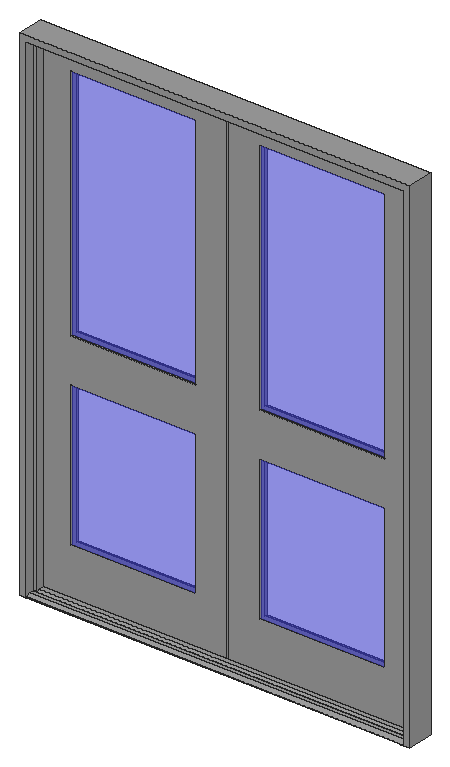
Revit family "WSD-500-StormMax-1inGlz-Curtain-Wall-Gear-Hinge-Pairs_Eng_v02", category Curtain Panels, Revit 2017
Family settings
  OmniClass Number = 23.25.20.14.11.11.17
  OmniClass Title = Infill Panels
  Always vertical = Yes
  Cut with Voids When Loaded = No
  Shared = No
Parameters
  Width [instance] = 6' - 2"
  URL = "obe.com"
  Rough Width [instance] = 6' - 2 1/4"
  Panel Width [instance] = Min Panel Width  # 6' - 0"
  Panel Offset [instance] = 0' - 0"
  Offset [instance] = 0' - 1"
  Model = "WSD-500 DOOR"
  Min Rough Width [instance] = if(Rough Width > 6' 2 1/4", Rough Width, 6' 2 1/4")  # 6' - 2 1/4"
  Min Panel Width [instance] = if(Rough Width > 6' 2 1/4", Rough Width - 0' 2 1/4", 6' 0")  # 6' - 0"
  Manufacturer = "Oldcastle BuildingEnvelope®"
  Keynote = "08 11 00"
  Height [instance] = 8' - 0"
  Pushbar Height [instance] = 3' - 5 1/4"  # constant formula
  Glass Material = Glass
  Frame Material = Aluminum
  Door Panel Height [instance] = Height - 0' 0 3/4"  # 7' - 11 1/4"
  Description = "WSD-500 - 1\" Door Infill"
  Assembly Code = "B2030"
  Analytic Construction = "<None>"
  8 Muntin [instance] = not([6.5 Muntin])  # no
  6.5 Muntin [instance] = yes
Reference planes (in)
  plane 1 "Front": y = 0
  plane 2: z = 0
  plane 3 "Center (Left/Right)": x = 0
  plane 4 "Left": x = -37
  plane 5 "Right": x = 37
  plane 6 "Top": z = 96
  plane 7 "Offset": y = -1
  plane 8: y = -1.86965
  plane 9: y = -1.86965
  plane 10: x = -37.125
  plane 11: x = 37.125
Forms (in)
  Sweep 1, solid, material "Aluminum" <- "Frame Material"
    path origin (0, -1, 0) x (-1, 0, 0) y (0, 0, 1)
      loop
        line (37.125, 0) -> (37.125, 96)
    profile origin (-37.125, -1, 48) x (1, 0, 0) y (0, 1, 0)
      loop
        line (1.125, -1.8814) -> (1.125, 0) -> (0, 0) -> (0, -5) -> (1.125, -5) -> (1.125, -3.2564) -> (1.875, -3.2564) -> (1.875, -1.8814) -> (1.125, -1.8814)
  Sweep 2, solid, material "Aluminum" <- "Frame Material"
    path origin (0, -1, 0) x (-1, 0, 0) y (0, 0, 1)
      loop
        line (-37.125, 0) -> (-37.125, 96)
    profile origin (37.125, -1, 48) x (1, 0, 0) y (0, 1, 0)
      loop
        line (-1.125, -1.8814) -> (-1.875, -1.8814) -> (-1.875, -3.2564) -> (-1.125, -3.2564) -> (-1.125, -5) -> (0, -5) -> (0, 0) -> (-1.125, 0) -> (-1.125, -1.8814)
  Sweep 3, solid, material "Aluminum" <- "Frame Material"
    path origin (0, -1, 0) x (-1, 0, 0) y (0, 0, 1)
      loop
        line (-37.125, 96) -> (37.125, 96)
    profile origin (0, -1, 96) x (0, 0, 1) y (0, 1, 0)
      loop
        line (-1.25, 0) -> (-1.25, -1.875) -> (-1.75, -1.875) -> (-1.75, -3.24) -> (-1.25, -3.24) -> (-1.25, -5) -> (0, -5) -> (0, 0) -> (-1.25, 0)
Cuts and joins
  joined: Sweep 1, Sweep 2, Sweep 3
Text (in)
  text "Exterior" at (-54.29358, 31.38743, 0), in view "Ref. Level"
  text "Exterior" at (480, 41.53993, 89.60405), in view "Right"
  text "Exterior" at (-240, 57.82419, 105.78864), in view "Left"
Dimensions and locks (in)
  equal spacing: plane 4 "Left", plane 3 "Center (Left/Right)", plane 5 "Right"
  "Width": plane 4 "Left" to plane 5 "Right"
  "Height": plane 6 "Top" to plane 2
  "Offset": plane 1 "Front" to plane 7 "Offset"
  locked: plane 7 "Offset" to plane 8 at 0.86965
  locked: plane 7 "Offset" to plane 9 at 0.86965
  locked: plane 7 "Offset" to nested 3 at 0.86325
  locked: plane 6 "Top" to nested 3 at 2.5
  locked: plane 11 to nested 2 at 1.25
  locked: nested 4 to plane 10 at 1.25
  equal spacing: plane 10, plane 3 "Center (Left/Right)", plane 11
  "Min Rough Width": plane 10 to plane 11
  locked: plane 7 "Offset" to nested 5 at 0.9088
  locked: plane 7 "Offset" to nested 6 at 0.9088
  aligned and locked: level to plane 2
  aligned and locked: plane 6 "Top" to Sweep 1 sketch curve
  aligned and locked: level to Sweep 1 sketch curve
  aligned and locked: plane 6 "Top" to Sweep 2 sketch curve
  aligned and locked: level to Sweep 2 sketch curve
  aligned and locked: nested 2 to plane 8
  aligned and locked: plane 9 to nested 4
  aligned and locked: plane 3 "Center (Left/Right)" to nested 1
  aligned and locked: plane 6 "Top" to Sweep 3 sketch curve
  aligned and locked: Sweep 1 sketch curve to plane 10
  aligned and locked: plane 11 to Sweep 2 sketch curve
  aligned and locked: plane 11 to Sweep 3 sketch curve
  aligned and locked: plane 10 to Sweep 3 sketch curve
  aligned and locked: nested 1 to plane 7 "Offset"
Automatic sketch dimensions
  Sweep 1 sketch curve to profile plane = 0' - 0"
  Sweep 1 sketch curve to plane 7 "Offset" = 0' - 0"
  Sweep 1 sketch curve to profile plane = 0' - 1 1/8"  (x2)
  Sweep 1 sketch curve to Sweep 1 sketch curve = 0' - 0 3/4"
  Sweep 1 sketch curve to plane 7 "Offset" = 0' - 1.8814"
  Sweep 1 sketch curve to Sweep 1 sketch curve = 0' - 1 3/8"
  Sweep 1 sketch curve to Sweep 1 sketch curve = 0' - 1.7436"
  Sweep 2 sketch curve to plane 7 "Offset" = 0' - 0"
  Sweep 2 sketch curve to profile plane = 0' - 0"
  profile plane to Sweep 2 sketch curve = 0' - 1 1/8"
  Sweep 2 sketch curve to Sweep 2 sketch curve = 0' - 1 1/8"
  Sweep 2 sketch curve to Sweep 2 sketch curve = 0' - 0 3/4"
  Sweep 2 sketch curve to plane 7 "Offset" = 0' - 1.8814"
  Sweep 2 sketch curve to Sweep 2 sketch curve = 0' - 1 3/8"
  Sweep 2 sketch curve to Sweep 2 sketch curve = 0' - 1.7436"
  Sweep 3 sketch curve to plane 7 "Offset" = 0' - 0"
  profile plane to Sweep 3 sketch curve = 0' - 0"
  profile plane to Sweep 3 sketch curve = 0' - 1 1/4"
  Sweep 3 sketch curve to plane 7 "Offset" = 0' - 1 7/8"
  Sweep 3 sketch curve to Sweep 3 sketch curve = 0' - 0 1/2"  (x2)
  Sweep 3 sketch curve to Sweep 3 sketch curve = 0' - 1.365"
  Sweep 3 sketch curve to Sweep 3 sketch curve = 0' - 1.76"
Nested families (in)
  nested 1: "WSD-500 DOOR-Double-1-PD-Panel_v05" at (0, -16, 0), Frame Material <- "Frame Material", Glass Material <- "Glass Material", 6.5 Muntin <- "6.5 Muntin", 8 Muntin <- "8 Muntin", Height <- "Door Panel Height", Width <- "Min Panel Width", Offset <- "Offset", type "WSD-500 DOOR-Double-1-PD-Panel"
    with Wing Width 3' - 0", built-in parameter 1001301 6' - 0", Pushbar Height 3' - 5 1/4", Offset 0' - 1", built-in parameter 1001300 7' - 11 1/4", Glass at Muntin 0' - 6 15/16", Glass Material Glass, Frame Material Aluminum, 8 Muntin no, 6.5 Muntin yes
  nested 2: "HINGE STILE-F-DI" at (38.375, -1.86965, 0) x (0, -1, 0) z (0, 0, 1), type "HINGE STILE-F-DI"
  nested 3: "TOP-RAIL-DI" at (-33, -1.86325, 98.5) x (0, -1, 0) z (-1, 0, 0), type "TOP-RAIL-DI"
  nested 4: "HINGE STILE-F-DI" at (-38.375, -1.86965, 0) x (0, -1, 0) z (0, 0, 1), type "HINGE STILE-F-DI"
  nested 5: "HINGE-DI" at (-38.25, -1.9088, 0), type "HINGE-DI 2"
  nested 6: "HINGE-DI" at (38.25, -1.9088, 0) x (-1, 0, 0) z (0, 0, 1), type "HINGE-DI 2"
Definition of nested family "WSD-500 DOOR-Double-1-PD-Panel_v05"
  Parameters (values of type "WSD-500 DOOR-Double-1-PD-Panel")
    Wing Width [instance] = Width / 2  # 3' - 0"
    Width [instance] = 6' - 0"
    Pushbar Height [instance] = 3' - 5 1/4"  # constant formula
    Offset [instance] = 0' - 1"
    Height [instance] = 8' - 0"
    Glass at Muntin [instance] = if([6.5 Muntin], 0' 6 15/16", 0' 8 7/16")  # 0' - 6 15/16"
    Glass Material [instance] = none
    Frame Material [instance] = none
    Analytic Construction = "<None>"
    8 Muntin [instance] = not([6.5 Muntin])  # no
    6.5 Muntin [instance] = yes
  Reference planes (in)
    plane 1 "00": y = 13.90625
    plane 2: z = 0
    plane 3 "Center (Left/Right)": x = 0
    plane 4: z = 96
    plane 5: x = -36
    plane 6: x = 36
    plane 7 "Center (Front/Back)": y = 16
    plane 8 "Exterior": y = 14.40625
    plane 9: z = 48
    plane 10: z = 8.90625
    plane 11: z = 44.71875
    plane 12: z = 37.78125
    plane 13: z = 92.156
    plane 14: z = 0
    plane 15: x = -30.68725
    plane 16: x = 30.68725
    plane 17 "Offset": y = 15
    plane 18: z = 41.25
  Forms (in)
    Sweep 1, solid, material <- "Frame Material"
      path origin (0, 13.90625, 0) x (1, 0, 0) y (0, 0, 1)
        loop
          line (-35.79725, 96) -> (-0.22003, 96)
      profile origin (-18.00864, 13.90625, 96) x (0, 0, 1) y (0, -1, 0)
        loop
          line (-0.625, -0.957) -> (-0.625, 0.793) -> (-4.625, 0.793) -> (-4.625, 0.5) -> (-3.844, 0.5) -> (-3.844, -0.5) -> (-4.625, -0.5) -> (-4.625, -0.957) -> (-0.625, -0.957)
    Sweep 2, solid, material <- "Frame Material"
      path origin (0, 13.90625, 0) x (1, 0, 0) y (0, 0, 1)
        loop
          line (-0.22003, 0) -> (-35.79725, 0)
      profile origin (-18.00864, 13.90625, 0) x (0, 0, -1) y (0, -1, 0)
        loop
          line (-9.6875, 0.793) -> (-9.6875, 0.5) -> (-8.9065, 0.5) -> (-8.9065, -0.5) -> (-9.6875, -0.5) -> (-9.6875, -0.957) -> (-0.6875, -0.957) -> (-0.6875, 0.793) -> (-9.6875, 0.793)
    Sweep 3, solid, material <- "Frame Material"
      path origin (0, 13.90625, 0) x (1, 0, 0) y (0, 0, 1)
        loop
          line (36, 95.375) -> (36, 0.6875)
      profile origin (36, 13.90625, 48.03125) x (0, -1, 0) y (1, 0, 0)
        loop
          line (-0.957, -0.09375) -> (-0.957, -6.09375) -> (-0.5, -6.09375) -> (-0.5, -5.31275) -> (0.5, -5.31275) -> (0.5, -6.09375) -> (0.793, -6.09375) -> (0.793, -0.20275) -> (-0.957, -0.09375)
    Sweep 4, solid, material <- "Frame Material"
      path origin (0, 13.90625, 0) x (1, 0, 0) y (0, 0, 1)
        loop
          line (-36, 95.375) -> (-36, 0.6875)
      profile origin (-36, 13.90625, 48.03125) x (0, -1, 0) y (1, 0, 0)
        loop
          line (0.793, 6.09375) -> (0.5, 6.09375) -> (0.5, 5.31275) -> (-0.5, 5.31275) -> (-0.5, 6.09375) -> (-0.957, 6.09375) -> (-0.957, 0.09375) -> (0.793, 0.20275) -> (0.793, 6.09375)
    Sweep 5, solid, material <- "Frame Material"
      path origin (0, 13.90625, 0) x (1, 0, 0) y (0, 0, 1)
        loop
          line (-0.22003, 48) -> (-35.79725, 48)
      profile origin (-18.00864, 13.90625, 48) x (0, 0, -1) y (0, -1, 0)
        loop
          line (2.50025, -0.5) -> (2.50025, -0.957) -> (11.00025, -0.957) -> (11.00025, -0.5) -> (10.21875, -0.5) -> (10.21875, 0.5) -> (11.00025, 0.5) -> (11.00025, 0.793) -> (2.50025, 0.793) -> (2.50025, 0.5) -> (3.28125, 0.5) -> (3.28125, -0.5) -> (2.50025, -0.5)
    Sweep 6, solid, material <- "Frame Material"
      path origin (0, 13.90625, 0) x (1, 0, 0) y (0, 0, 1)
        loop
          line (0, 95.375) -> (0, 0.6875)
      profile origin (0, 13.90625, 48.03125) x (0, -1, 0) y (1, 0, 0)
        loop
          line (-0.957, -6.0625) -> (-0.5, -6.0625) -> (-0.5, -5.2815) -> (0.5, -5.2815) -> (0.5, -6.0625) -> (0.793, -6.0625) -> (0.793, -0.22003)
          arc (0.793, -0.22003) -> (-0.082, -0.06251) -> (-0.957, -0.22003) r 2.50889
          line (-0.957, -0.22003) -> (-0.957, -6.0625)
        loop
          line (0.793, 0.22063) -> (0.793, 6.0625) -> (0.5, 6.0625) -> (0.5, 5.2815) -> (-0.5, 5.2815) -> (-0.5, 6.0625) -> (-0.957, 6.0625) -> (-0.957, 0.22063)
          arc (-0.957, 0.22063) -> (-0.082, 0.06251) -> (0.793, 0.22063) r 2.5
    Sweep 7, solid, material <- "Frame Material"
      path origin (0, 13.90625, 0) x (1, 0, 0) y (0, 0, 1)
        loop
          line (0.22063, 96) -> (35.79725, 96)
      profile origin (18.00894, 13.90625, 96) x (0, 0, 1) y (0, -1, 0)
        loop
          line (-4.625, -0.957) -> (-0.625, -0.957) -> (-0.625, 0.793) -> (-4.625, 0.793) -> (-4.625, 0.5) -> (-3.844, 0.5) -> (-3.844, -0.5) -> (-4.625, -0.5) -> (-4.625, -0.957)
    Sweep 8, solid, material <- "Frame Material"
      path origin (0, 13.90625, 0) x (1, 0, 0) y (0, 0, 1)
        loop
          line (35.79725, 48) -> (0.22063, 48)
      profile origin (18.00894, 13.90625, 48) x (0, 0, -1) y (0, -1, 0)
        loop
          line (2.50025, 0.5) -> (3.28125, 0.5) -> (3.28125, -0.5) -> (2.50025, -0.5) -> (2.50025, -0.957) -> (11.00025, -0.957) -> (11.00025, -0.5) -> (10.21875, -0.5) -> (10.21875, 0.5) -> (11.00025, 0.5) -> (11.00025, 0.793) -> (2.50025, 0.793) -> (2.50025, 0.5)
    Sweep 9, solid, material <- "Frame Material"
      path origin (0, 13.90625, 0) x (1, 0, 0) y (0, 0, 1)
        loop
          line (35.79725, 0) -> (0.22063, 0)
      profile origin (18.00894, 13.90625, 0) x (0, 0, -1) y (0, -1, 0)
        loop
          line (-0.6875, -0.957) -> (-0.6875, 0.793) -> (-9.6875, 0.793) -> (-9.6875, 0.5) -> (-8.90625, 0.5) -> (-8.90625, -0.5) -> (-9.6875, -0.5) -> (-9.6875, -0.957) -> (-0.6875, -0.957)
    Extrusion 10, solid, material <- "Glass Material", detail levels coarse
      sketch origin (0, 0, 0) x (1, 0, 0) y (0, 1, 0)
        loop
          line (5.2815, 14.40625) -> (5.2815, 13.40625) -> (30.68725, 13.40625) -> (30.68725, 14.40625) -> (5.2815, 14.40625)
      from 37.78125 to 8.90625
    Extrusion 11, solid, material <- "Glass Material", detail levels medium+fine
      sketch origin (0, 0, 0) x (1, 0, 0) y (0, 1, 0)
        loop
          line (5.2815, 14.40625) -> (5.2815, 14.20625) -> (30.68725, 14.20625) -> (30.68725, 14.40625) -> (5.2815, 14.40625)
        loop
          line (30.68725, 13.83625) -> (5.2815, 13.83625) -> (5.2815, 13.63625) -> (30.68725, 13.63625) -> (30.68725, 13.83625)
        loop
          line (5.2815, 13.60625) -> (5.2815, 13.40625) -> (30.68725, 13.40625) -> (30.68725, 13.60625) -> (5.2815, 13.60625)
      from 8.90625 to 37.78125
    Extrusion 12, solid, material <- "Glass Material", detail levels medium+fine
      sketch origin (0, 0, 0) x (1, 0, 0) y (0, 1, 0)
        loop
          line (30.68725, 14.40625) -> (5.2815, 14.40625) -> (5.2815, 14.20625) -> (30.68725, 14.20625) -> (30.68725, 14.40625)
        loop
          line (5.2815, 13.83625) -> (5.2815, 13.63625) -> (30.68725, 13.63625) -> (30.68725, 13.83625) -> (5.2815, 13.83625)
        loop
          line (30.68725, 13.60625) -> (5.2815, 13.60625) -> (5.2815, 13.40625) -> (30.68725, 13.40625) -> (30.68725, 13.60625)
      from 44.71875 to 92.156
    Extrusion 13, solid, material <- "Glass Material", detail levels coarse
      sketch origin (0, 0, 0) x (1, 0, 0) y (0, 1, 0)
        loop
          line (5.2815, 14.40625) -> (5.2815, 13.40625) -> (30.68725, 13.40625) -> (30.68725, 14.40625) -> (5.2815, 14.40625)
      from 44.71875 to 92.156
    Extrusion 14, solid, material <- "Glass Material", detail levels medium+fine
      sketch origin (0, 0, 0) x (1, 0, 0) y (0, 1, 0)
        loop
          line (-5.2815, 14.40625) -> (-30.68725, 14.40625) -> (-30.68725, 14.1875) -> (-5.2815, 14.1875) -> (-5.2815, 14.40625)
        loop
          line (-30.68725, 13.83625) -> (-30.68725, 13.63625) -> (-5.2815, 13.63625) -> (-5.2815, 13.83625) -> (-30.68725, 13.83625)
        loop
          line (-5.2815, 13.60625) -> (-30.68725, 13.60625) -> (-30.68725, 13.40625) -> (-5.2815, 13.40625) -> (-5.2815, 13.60625)
      from 8.90625 to 37.78125
    Extrusion 15, solid, material <- "Glass Material", detail levels coarse
      sketch origin (0, 0, 0) x (1, 0, 0) y (0, 1, 0)
        loop
          line (-5.2815, 14.40625) -> (-30.68725, 14.40625) -> (-30.68725, 13.40625) -> (-5.2815, 13.40625) -> (-5.2815, 14.40625)
      from 44.71875 to 92.156
    Extrusion 16, solid, material <- "Glass Material", detail levels coarse
      sketch origin (0, 0, 0) x (1, 0, 0) y (0, 1, 0)
        loop
          line (-30.68725, 14.40625) -> (-30.68725, 13.40625) -> (-5.2815, 13.40625) -> (-5.2815, 14.40625) -> (-30.68725, 14.40625)
      from 8.90625 to 37.78125
    Extrusion 17, solid, material <- "Glass Material", detail levels medium+fine
      sketch origin (0, 0, 0) x (1, 0, 0) y (0, 1, 0)
        loop
          line (-30.68725, 13.40625) -> (-5.2815, 13.40625) -> (-5.2815, 13.60625) -> (-30.68725, 13.60625) -> (-30.68725, 13.40625)
        loop
          line (-5.2815, 13.63625) -> (-5.2815, 13.83625) -> (-30.68725, 13.83625) -> (-30.68725, 13.63625) -> (-5.2815, 13.63625)
        loop
          line (-30.68725, 14.20625) -> (-5.2815, 14.20625) -> (-5.2815, 14.40625) -> (-30.68725, 14.40625) -> (-30.68725, 14.20625)
      from 44.71875 to 92.156
    Sweep 18, solid, material <- "Frame Material"
      path origin (0, 15, 0) x (1, 0, 0) y (0, 0, 1)
        loop
          line (35.79725, 0) -> (-35.79725, 0)
      profile origin (0, 15, 0) x (0, 0, -1) y (0, -1, 0)
        loop
          line (-0.844, 2.90525) -> (-0.844, 1.91025) -> (-0.5, 1.91025) -> (-0.5, 0.13675) -> (-0.125, -0.61325) -> (0, -0.61325) -> (0, 5.01175) -> (-0.125, 5.01175) -> (-0.5, 4.26175) -> (-0.5, 3.39425) -> (-0.562, 3.39425) -> (-0.844, 2.90525)
  Cuts and joins
    joined: Sweep 1, Sweep 2, Sweep 3, Sweep 4, Sweep 5, Sweep 6, Sweep 7, Sweep 8, Sweep 9
  Lines and regions (in)
    model lines
      curve 1: line (4.59371, 14.40625, 91.746) -> (30.27725, 14.40625, 48)
      curve 2: line (30.27725, 14.40625, 48) -> (4.59371, 14.40625, 9.4375)
      curve 3: line (-4.5985, 14.40625, 91.76097) -> (-30.27725, 14.40625, 48)
      curve 4: line (-30.27725, 14.40625, 48) -> (-4.5985, 14.40625, 9.4375)
  Dimensions and locks (in)
    "Height": plane 4 to level
    equal spacing: plane 5, plane 3 "Center (Left/Right)", plane 6
    "Offset": plane 17 "Offset" to plane 7 "Center (Front/Back)"
    equal spacing: level, plane 9, plane 4
    locked: Sweep 4 sketch curve to plane 4 at 0.625
    equal spacing: plane 4, plane 9, plane 14
    locked: plane 4 to plane 13 at 3.844
    locked: plane 10 to plane 14 at 8.90625
    locked: plane 5 to plane 15 at 5.31275
    locked: plane 16 to plane 6 at 5.31275
    "Width": plane 5 to plane 6
    plane 1 "00" to plane 8 "Exterior" to plane 17 "Offset" = 0' - 0 1/2" locked, 0' - 0 19/32" locked
    locked: plane 12 to Sweep 8 sketch curve at 0.7815  (x2)
    locked: Sweep 8 sketch curve to plane 11 at 0.781
    locked: plane 11 to Sweep 8 sketch curve at 0.781
    locked: plane 12 to Sweep 5 sketch curve at 0.7815  (x2)
    locked: Sweep 5 sketch curve to plane 11 at 0.781  (x2)
    "Glass at Muntin": plane 11 to plane 12
    equal spacing: plane 11, plane 18, plane 12
    "Pushbar Height": plane 18 to plane 14
    Extrusion 12 sketch curve to Extrusion 12 sketch curve to Extrusion 12 sketch curve to Extrusion 12 sketch curve to Extrusion 12 sketch curve to Extrusion 12 sketch curve to plane 17 "Offset" = 0' - 0.2" locked, 0' - 0.03" locked, 0' - 0.2" locked, 0' - 0.37" locked, 0' - 0.2" locked, 0' - 0 19/32" locked
    Extrusion 13 sketch curve to Extrusion 13 sketch curve to plane 17 "Offset" = 0' - 1" locked, 0' - 0 19/32" locked
    Extrusion 11 sketch curve to Extrusion 11 sketch curve to Extrusion 11 sketch curve to Extrusion 11 sketch curve to Extrusion 11 sketch curve to Extrusion 11 sketch curve to plane 17 "Offset" = 0' - 0.2" locked, 0' - 0.03" locked, 0' - 0.2" locked, 0' - 0.37" locked, 0' - 0.2" locked, 0' - 0 19/32" locked
    Extrusion 10 sketch curve to Extrusion 10 sketch curve to plane 17 "Offset" = 0' - 1" locked, 0' - 0 19/32" locked
    Extrusion 14 sketch curve to Extrusion 14 sketch curve to Extrusion 14 sketch curve to Extrusion 14 sketch curve to Extrusion 14 sketch curve to Extrusion 14 sketch curve to plane 17 "Offset" = 0' - 0.2" locked, 0' - 0.03" locked, 0' - 0.2" locked, 0' - 0.35125" locked, 0' - 0 7/32" locked, 0' - 0 19/32" locked
    Extrusion 16 sketch curve to Extrusion 16 sketch curve to plane 17 "Offset" = 0' - 1" locked, 0' - 0 19/32" locked
    Extrusion 15 sketch curve to Extrusion 15 sketch curve to plane 17 "Offset" = 0' - 1" locked, 0' - 0 19/32" locked
    Extrusion 17 sketch curve to Extrusion 17 sketch curve to Extrusion 17 sketch curve to Extrusion 17 sketch curve to Extrusion 17 sketch curve to Extrusion 17 sketch curve to plane 17 "Offset" = 0' - 0.2" locked, 0' - 0.03" locked, 0' - 0.2" locked, 0' - 0.37" locked, 0' - 0.2" locked, 0' - 0 19/32" locked
    locked: plane 14 to Sweep 6 sketch curve at 0.6875
    locked: plane 14 to Sweep 4 sketch curve at 0.6875
    locked: plane 4 to Sweep 6 sketch curve at 0.625
    locked: plane 4 to Sweep 3 sketch curve at 0.625
    aligned and locked: plane 2 to level
    aligned and locked: plane 1 "00" to nested 1
    aligned and locked: plane 3 "Center (Left/Right)" to nested 1
    aligned and locked: Sweep 1 sketch curve to plane 4
    aligned and locked: Sweep 2 sketch curve to level
    aligned and locked: level to nested 2
    aligned and locked: nested 2 to plane 1 "00"
    aligned and locked: Sweep 5 sketch curve to plane 9
    aligned and locked: plane 3 "Center (Left/Right)" to Sweep 6 sketch curve
    aligned and locked: Sweep 9 sketch curve to level
    aligned and locked: Sweep 8 sketch curve to plane 9
    aligned and locked: plane 4 to Sweep 7 sketch curve
    aligned and locked: Extrusion 14 to plane 10
    aligned and locked: plane 12 to Extrusion 14
    aligned and locked: Extrusion 15 to plane 11
    aligned and locked: plane 13 to Extrusion 15
    aligned and locked: Extrusion 17 to plane 11
    aligned and locked: plane 13 to Extrusion 17
    aligned and locked: Extrusion 16 to plane 10
    aligned and locked: plane 12 to Extrusion 16
    aligned and locked: Extrusion 12 to plane 11
    aligned and locked: plane 13 to Extrusion 12
    aligned and locked: plane 13 to Extrusion 13
    aligned and locked: Extrusion 13 to plane 11
    aligned and locked: plane 12 to Extrusion 10
    aligned and locked: plane 12 to Extrusion 11
    aligned and locked: Extrusion 11 to plane 10
    aligned and locked: Extrusion 10 to plane 10
    aligned and locked: plane 9 to curve 4
    aligned and locked: Sweep 3 sketch curve to plane 6
    aligned and locked: Sweep 4 sketch curve to plane 5
    aligned and locked: Sweep 18 sketch curve to plane 14
    aligned and locked: Sweep 3 sketch curve to nested 1  (x4)
    aligned and locked: Sweep 3 sketch curve to Sweep 3 sketch curve
    aligned and locked: curve 1 to Sweep 3 sketch curve
    aligned and locked: Sweep 4 sketch curve to nested 1  (x5)
    aligned and locked: Sweep 4 sketch curve to Sweep 4 sketch curve
    aligned and locked: curve 3 to Sweep 4 sketch curve
    aligned and locked: Sweep 18 sketch curve to cut or joined group of Sweep 1, Sweep 2, Sweep 3, Sweep 4, Sweep 5, Sweep 6, Sweep 7, Sweep 8, Sweep 9
    aligned and locked: Sweep 7 sketch curve to cut or joined group of Sweep 1, Sweep 2, Sweep 3, Sweep 4, Sweep 5, Sweep 6, Sweep 7, Sweep 8, Sweep 9
    aligned and locked: Extrusion 11 sketch curve to cut or joined group of Sweep 1, Sweep 2, Sweep 3, Sweep 4, Sweep 5, Sweep 6, Sweep 7, Sweep 8, Sweep 9
    aligned and locked: Extrusion 11 sketch curve to Extrusion 11 sketch curve  (x2)
    aligned and locked: Extrusion 10 sketch curve to cut or joined group of Sweep 1, Sweep 2, Sweep 3, Sweep 4, Sweep 5, Sweep 6, Sweep 7, Sweep 8, Sweep 9
    aligned and locked: Extrusion 13 sketch curve to cut or joined group of Sweep 1, Sweep 2, Sweep 3, Sweep 4, Sweep 5, Sweep 6, Sweep 7, Sweep 8, Sweep 9
    aligned and locked: cut or joined group of Sweep 1, Sweep 2, Sweep 3, Sweep 4, Sweep 5, Sweep 6, Sweep 7, Sweep 8, Sweep 9 to Extrusion 13 sketch curve
    aligned and locked: Extrusion 12 sketch curve to cut or joined group of Sweep 1, Sweep 2, Sweep 3, Sweep 4, Sweep 5, Sweep 6, Sweep 7, Sweep 8, Sweep 9
    aligned and locked: Extrusion 12 sketch curve to Extrusion 12 sketch curve
    aligned and locked: Extrusion 12 sketch curve to Extrusion 11  (x2)
    aligned and locked: Extrusion 17 sketch curve to cut or joined group of Sweep 1, Sweep 2, Sweep 3, Sweep 4, Sweep 5, Sweep 6, Sweep 7, Sweep 8, Sweep 9
    aligned and locked: Extrusion 17 sketch curve to Extrusion 17 sketch curve  (x2)
    aligned and locked: Extrusion 15 sketch curve to cut or joined group of Sweep 1, Sweep 2, Sweep 3, Sweep 4, Sweep 5, Sweep 6, Sweep 7, Sweep 8, Sweep 9
    aligned and locked: Extrusion 16 sketch curve to Extrusion 15
    aligned and locked: Extrusion 14 sketch curve to cut or joined group of Sweep 1, Sweep 2, Sweep 3, Sweep 4, Sweep 5, Sweep 6, Sweep 7, Sweep 8, Sweep 9
    aligned and locked: Extrusion 14 sketch curve to Extrusion 14 sketch curve  (x2)
  Automatic sketch dimensions
    curve 2 to plane 9 = 0' - 0"
    plane 15 to curve 3 = 0' - 0.41"
    plane 10 to curve 4 = 0' - 0 17/32"
    plane 10 to curve 2 = 0' - 0 17/32"
    curve 1 to plane 13 = 0' - 0.41"
    curve 3 to plane 13 = 0' - 0.39503"
    plane 16 to curve 2 = 0' - 0.41"
    curve 3 to plane 3 "Center (Left/Right)" = 0' - 4.5985"
    curve 4 to plane 3 "Center (Left/Right)" = 0' - 4.5985"
    plane 3 "Center (Left/Right)" to curve 2 = 0' - 4.59371"
    plane 3 "Center (Left/Right)" to curve 1 = 0' - 4.59371"
    Sweep 5 sketch curve to plane 1 "00" = 0' - 0.957"
    Sweep 5 sketch curve to plane 1 "00" = 0' - 0 1/2"  (x2)
    plane 1 "00" to Sweep 5 sketch curve = 0' - 0 1/2"  (x2)
    Sweep 5 sketch curve to Sweep 5 sketch curve = 0' - 0.7815"
    Sweep 5 sketch curve to Sweep 5 sketch curve = 0' - 0.781"
    Sweep 5 sketch curve to Sweep 5 sketch curve = 0' - 0.293"
    Sweep 6 sketch curve to plane 1 "00" = 0' - 0.957"
    Sweep 6 sketch curve to Sweep 6 sketch curve = 0' - 0"  (x2)
    Sweep 6 sketch curve to plane 1 "00" = 0' - 0 1/2"  (x2)
    Sweep 6 sketch curve to plane 1 "00" = 0' - 0.082"  (x2)
    plane 1 "00" to Sweep 6 sketch curve = 0' - 0 1/2"  (x2)
    profile plane to Sweep 6 sketch curve = 0' - 0.22003"
    plane 1 "00" to Sweep 6 sketch curve = 0' - 0.793"
    Sweep 6 sketch curve to profile plane = 0' - 0.22063"
    Sweep 6 sketch curve to Sweep 6 sketch curve = 0' - 2.35137"
    Sweep 6 sketch curve to Sweep 6 sketch curve = 0' - 2.7101"
    Sweep 6 sketch curve to Sweep 6 sketch curve = 0' - 0.781"  (x4)
    Sweep 6 sketch curve to Sweep 6 sketch curve = 0' - 2.34187"
    Sweep 6 sketch curve to Sweep 6 sketch curve = 0' - 2.71899"
    Sweep 9 sketch curve to plane 1 "00" = 0' - 0 1/2"
    Sweep 9 sketch curve to Sweep 9 sketch curve = 0' - 8 7/32"
    Sweep 9 sketch curve to Sweep 9 sketch curve = 0' - 0 25/32"  (x2)
    plane 1 "00" to Sweep 9 sketch curve = 0' - 0 1/2"
    Sweep 9 sketch curve to Sweep 9 sketch curve = 0' - 0.293"
    plane 1 "00" to Sweep 2 sketch curve = 0' - 0.793"
    Sweep 2 sketch curve to Sweep 2 sketch curve = 0' - 0"
    Sweep 2 sketch curve to Sweep 2 sketch curve = 0' - 0.457"
    Sweep 2 sketch curve to Sweep 2 sketch curve = 0' - 0.781"
    Sweep 2 sketch curve to Sweep 2 sketch curve = 0' - 0.293"
    Sweep 8 sketch curve to Sweep 8 sketch curve = 0' - 0.781"
    Sweep 8 sketch curve to Sweep 8 sketch curve = 0' - 0.7815"
    Sweep 8 sketch curve to plane 1 "00" = 0' - 0.957"
    Sweep 8 sketch curve to plane 1 "00" = 0' - 0 1/2"  (x2)
    plane 1 "00" to Sweep 8 sketch curve = 0' - 0 1/2"  (x2)
    Sweep 8 sketch curve to Sweep 8 sketch curve = 0' - 0.293"
    Sweep 2 sketch curve to plane 1 "00" = 0' - 0.957"
    profile plane to Sweep 2 sketch curve = 0' - 9 11/16"
    profile plane to Sweep 2 sketch curve = 0' - 0 11/16"
    profile plane to Sweep 9 sketch curve = 0' - 9 11/16"
    Sweep 9 sketch curve to plane 1 "00" = 0' - 0.957"
    Sweep 18 sketch curve to Sweep 18 sketch curve = 0' - 0.995"
    Sweep 18 sketch curve to Sweep 18 sketch curve = 0' - 0.489"
    Sweep 18 sketch curve to Sweep 18 sketch curve = 0' - 0.344"
    profile plane to Sweep 18 sketch curve = 0' - 0 1/2"  (x2)
    Sweep 18 sketch curve to Sweep 18 sketch curve = 0' - 1.7735"
    Sweep 18 sketch curve to Sweep 18 sketch curve = 0' - 0.8675"
    Sweep 18 sketch curve to profile plane = 0' - 0"
    plane 17 "Offset" to Sweep 18 sketch curve = 0' - 0.13675"
    profile plane to Sweep 18 sketch curve = 0' - 0 1/8"  (x2)
    Sweep 18 sketch curve to plane 17 "Offset" = 0' - 0.61325"
    Sweep 18 sketch curve to Sweep 18 sketch curve = 0' - 0 3/4"
    Sweep 18 sketch curve to Sweep 18 sketch curve = 0' - 0.062"
    profile plane to Sweep 3 sketch curve = 0' - 0 3/32"
    profile plane to Sweep 3 sketch curve = 0' - 0.20275"
    Sweep 4 sketch curve to Sweep 4 sketch curve = 0' - 0.293"
    plane 3 "Center (Left/Right)" to Sweep 9 sketch curve = 0' - 0.22063"
    Sweep 9 sketch curve to plane 6 = 0' - 0.20275"
    plane 3 "Center (Left/Right)" to Sweep 8 sketch curve = 0' - 0.22063"
    Sweep 8 sketch curve to plane 6 = 0' - 0.20275"
    plane 3 "Center (Left/Right)" to Sweep 7 sketch curve = 0' - 0.22063"
    Sweep 7 sketch curve to plane 6 = 0' - 0.20275"
    Sweep 7 sketch curve to plane 1 "00" = 0' - 0.957"
    profile plane to Sweep 7 sketch curve = 0' - 4 5/8"
    Sweep 7 sketch curve to Sweep 7 sketch curve = 0' - 0"
    Sweep 7 sketch curve to Sweep 7 sketch curve = 0' - 0.781"
    Sweep 7 sketch curve to Sweep 7 sketch curve = 0' - 0.457"
    plane 1 "00" to Sweep 7 sketch curve = 0' - 0 1/2"
    Sweep 7 sketch curve to Sweep 7 sketch curve = 0' - 0.293"
    level to Sweep 3 sketch curve = 0' - 0 11/16"
    plane 5 to Sweep 1 sketch curve = 0' - 0.20275"
    Sweep 1 sketch curve to plane 3 "Center (Left/Right)" = 0' - 0.22003"
    plane 5 to Sweep 18 sketch curve = 0' - 0.20275"
    plane 5 to Sweep 5 sketch curve = 0' - 0.20275"
    Sweep 5 sketch curve to plane 3 "Center (Left/Right)" = 0' - 0.22003"
    plane 5 to Sweep 2 sketch curve = 0' - 0.20275"
    Sweep 2 sketch curve to plane 3 "Center (Left/Right)" = 0' - 0.22003"
    plane 3 "Center (Left/Right)" to Extrusion 11 sketch curve = 0' - 5.2815"
    Extrusion 11 sketch curve to Extrusion 11 sketch curve = 0' - 0"  (x2)
    plane 3 "Center (Left/Right)" to Extrusion 10 sketch curve = 0' - 5.2815"
    plane 3 "Center (Left/Right)" to Extrusion 12 sketch curve = 0' - 5.2815"
    Extrusion 12 sketch curve to Extrusion 12 sketch curve = 0' - 0"  (x2)
    Extrusion 17 sketch curve to plane 3 "Center (Left/Right)" = 0' - 5.2815"
    Extrusion 17 sketch curve to Extrusion 17 sketch curve = 0' - 0"  (x2)
    Extrusion 15 sketch curve to plane 3 "Center (Left/Right)" = 0' - 5.2815"
    Extrusion 16 sketch curve to plane 3 "Center (Left/Right)" = 0' - 5.2815"
    Extrusion 14 sketch curve to plane 3 "Center (Left/Right)" = 0' - 5.2815"
    Extrusion 14 sketch curve to Extrusion 14 sketch curve = 0' - 0"  (x2)
    Sweep 1 sketch curve to plane 1 "00" = 0' - 0.957"
    profile plane to Sweep 1 sketch curve = 0' - 4 5/8"
    Sweep 1 sketch curve to Sweep 1 sketch curve = 0' - 0"
    Sweep 1 sketch curve to Sweep 1 sketch curve = 0' - 0.781"
    profile plane to Sweep 1 sketch curve = 0' - 0 5/8"
    Sweep 1 sketch curve to Sweep 1 sketch curve = 0' - 0.457"
    plane 1 "00" to Sweep 1 sketch curve = 0' - 0 1/2"
    plane 1 "00" to Sweep 1 sketch curve = 0' - 0.793"
  Nested families (in)
    nested 1: "WSD-500 DOOR-Double-1-PD-Plan View_v02" at (0, 13.90625, 0), Wing Width <- "Wing Width", type "WSD-500 DOOR-Double-1-PD-Plan View_v02"
      with Wing Width 3' - 0", Width 6' - 0"
    nested 2: "WSD-500 DOOR-Double-1-PD-Section_v02" at (0, 13.90625, 0) x (0, -1, 0) z (1, 0, 0), Height <- "Height", 8 Muntin <- "8 Muntin", 6.5 Muntin <- "6.5 Muntin", type "WSD-500 DOOR-Double-1-PD-Section_v02"
      with Pushbar Height 3' - 5 1/4", Height 8' - 0", Glass at Muntins 0' - 6 15/16", 8 Muntin no, 6.5 Muntin yes
  Definition of nested family "WSD-500 DOOR-Double-1-PD-Plan View_v02"
    Parameters (values of type "WSD-500 DOOR-Double-1-PD-Plan View_v02")
      Wing Width [instance] = 3' - 0"
      Width [instance] = Wing Width * 2  # 6' - 0"
    Reference planes (in)
      plane 1 "Center (Front/Back)": y = 0
      plane 2: z = 0
      plane 3 "Center (Left/Right)": x = 0
      plane 4: x = -36
      plane 5: x = 36
      plane 6: x = -34.64898
      plane 7: x = 34.64505
      plane 8: y = 37.34375
      plane 9: x = 35.90625
      plane 10: y = 1.34375
    Lines and regions (in)
      detail lines, in view "Ref. Level"
        curve 1: arc (34.64505, 37.18915, 0) -> (9.63978, 25.76825, 0) -> (0.06385, 0, 0) r 35.86758
        curve 2: arc (-34.64505, 37.18915, 0) -> (-9.63978, 25.76825, 0) -> (-0.06385, 0, 0) r 35.86758
    Dimensions and locks (in)
      equal spacing: plane 4, plane 3 "Center (Left/Right)", plane 5
      locked: nested 3 to plane 1 "Center (Front/Back)" at 0.843
      "Width": plane 4 to plane 5
      plane 7 to plane 5 to nested 1 = 0' - 1.35495" locked, 0' - 2.37425" locked
      "Wing Width": plane 10 to plane 8
      nested 2 to plane 4 to plane 6 = 0' - 2.37425" locked, 0' - 1.35102" locked
      locked: nested 4 to plane 1 "Center (Front/Back)" at 0.843
      locked: plane 1 "Center (Front/Back)" to plane 10 at 1.34375
      locked: plane 9 to plane 5 at 0.09375
      locked: plane 4 to nested 2 at 0.09375
      locked: nested 11 to plane 8 at 0.09075
      locked: nested 12 to plane 8 at 0.09061
      locked: plane 1 "Center (Front/Back)" to nested 13 at 0.19975
      aligned and locked: nested 1 to plane 1 "Center (Front/Back)"
      aligned and locked: plane 1 "Center (Front/Back)" to nested 2
      aligned and locked: nested 3 to plane 7
      aligned and locked: nested 4 to plane 6
      aligned and locked: nested 5 to plane 1 "Center (Front/Back)"
      aligned and locked: nested 6 to plane 1 "Center (Front/Back)"
      aligned and locked: nested 6 to plane 3 "Center (Left/Right)"
      aligned and locked: nested 5 to plane 3 "Center (Left/Right)"
      aligned and locked: plane 1 "Center (Front/Back)" to nested 7
      aligned and locked: plane 1 "Center (Front/Back)" to nested 9
      aligned and locked: nested 11 to plane 7
      aligned and locked: nested 12 to plane 6
      aligned and locked: nested 8 to plane 6
      aligned and locked: nested 10 to plane 7
      aligned and locked: plane 9 to nested 1
      aligned and locked: nested 9 to nested 1
      aligned and locked: nested 7 to nested 5
      aligned and locked: nested 7 to nested 2
      aligned and locked: nested 10 to nested 3
      aligned and locked: nested 10 to nested 11
      aligned and locked: nested 8 to nested 4
      aligned and locked: nested 8 to nested 12
    Automatic sketch dimensions
      plane 10 to curve 2 = 0' - 0"
      plane 1 "Center (Front/Back)" to curve 2 = 0' - 0"
      plane 1 "Center (Front/Back)" to curve 1 = 0' - 0"
      curve 1 to plane 7 = 0' - 0"
      curve 1 to plane 9 = 0' - 0"
      plane 10 to curve 1 = 0' - 0"
      plane 4 to curve 2 = 0' - 0 3/32"
      plane 3 "Center (Left/Right)" to curve 1 = 0' - 0.06385"
      curve 2 to plane 3 "Center (Left/Right)" = 0' - 0.06385"
      curve 2 to plane 6 = 0' - 0.00393"
    Nested families (in)
      nested 1: "HINGE-PD-DI" at (38.37425, 0, 0) x (-1, 0, 0) z (0, 0, 1), type "HINGE-PD-DI", in view "Ref. Level", not visible
      nested 2: "HINGE-PD-DI" at (-38.37425, 0, 0), type "HINGE-PD-DI", in view "Ref. Level", not visible
      nested 3: "HINGE-PD-DI" at (34.64505, -0.843, 0) x (0, 1, 0) z (0, 0, 1), type "HINGE-PD-DI", in view "Ref. Level"
      nested 4: "HINGE-PD-DI" at (-34.64898, -0.843, 0) x (0, 1, 0) z (0, 0, 1), type "HINGE-PD-DI", in view "Ref. Level"
      nested 5: "MEETING STILE-L-DI" at (0, 0, 0) x (-1, 0, 0) z (0, 0, 1), type "MEETING STILE-L-DI", in view "Ref. Level", not visible
      nested 6: "MEETING STILE-R-DI" at (0, 0, 0) x (-1, 0, 0) z (0, 0, 1), type "MEETING STILE-R-DI", in view "Ref. Level", not visible
      nested 7: "Glass-DI" at (-30.68725, 0, 0), type "Glass-DI", in view "Ref. Level", not visible
        with Glass Width 2' - 1.40575"
      nested 8: "Glass-DI" at (-34.64898, 6.844, 0) x (0, 1, 0) z (0, 0, 1), type "Glass-DI", in view "Ref. Level"
        with Glass Width 2' - 1.12764"
      nested 9: "Glass-DI" at (5.2815, 0, 0), type "Glass-DI", in view "Ref. Level", not visible
        with Glass Width 2' - 1.40575"
      nested 10: "Glass-DI" at (34.64505, 6.844, 0) x (0, 1, 0) z (0, 0, 1), type "Glass-DI", in view "Ref. Level"
        with Glass Width 2' - 1.1275"
      nested 11: "MEETING STILE-R-DI" at (34.64505, 37.253, 0) x (0, 1, 0) z (0, 0, 1), type "MEETING STILE-R-DI", in view "Ref. Level"
      nested 12: "MEETING STILE-R-DI" at (-34.64898, 37.25314, 0) x (0, 1, 0) z (0, 0, 1), type "MEETING STILE-R-DI", in view "Ref. Level"
      nested 13: "ANCHOR-DI" at (0, 0.19975, 0), type "ANCHOR-DI", in view "Ref. Level", detail levels fine
    Definition of nested family "HINGE-PD-DI"
      Reference planes (in)
        plane 1 "Center (Front/Back)": y = 0
        plane 2: z = 0
        plane 3 "Center (Left/Right)": x = 0
      Lines and regions (in)
        detail lines, in view "Ref. Level"
          curve 1: line (8.468, 0.793, 0) -> (2.69446, 0.793, 0)
          curve 2: arc (2.69446, 0.793, 0) -> (2.60886, 0.75909, 0) -> (2.5697, 0.67577, 0) r 0.125
          curve 3: line (2.5697, 0.67577, 0) -> (2.468, -0.957, 0)
          curve 4: line (2.468, -0.957, 0) -> (8.468, -0.957, 0)
          curve 5: line (8.468, -0.957, 0) -> (8.468, -0.5, 0)
          curve 6: line (8.468, -0.5, 0) -> (7.687, -0.5, 0)
          curve 7: line (7.687, -0.5, 0) -> (7.687, 0.5, 0)
          curve 8: line (7.687, 0.5, 0) -> (8.468, 0.5, 0)
          curve 9: line (8.468, 0.5, 0) -> (8.468, 0.793, 0)
    Definition of nested family "MEETING STILE-L-DI"
      Reference planes (in)
        plane 1 "Center (Front/Back)": y = 0
        plane 2: z = 0
        plane 3 "Center (Left/Right)": x = 0
      Lines and regions (in)
        detail lines, in view "Ref. Level"
          curve 1: line (6.0625, 0.793, 0) -> (0.22004, 0.793, 0)
          curve 2: arc (0.22004, 0.793, 0) -> (0.06251, -0.082, 0) -> (0.22004, -0.957, 0) r 2.50889
          curve 3: line (0.22004, -0.957, 0) -> (6.0625, -0.957, 0)
          curve 4: line (6.0625, -0.957, 0) -> (6.0625, -0.5, 0)
          curve 5: line (6.0625, -0.5, 0) -> (5.2815, -0.5, 0)
          curve 6: line (5.2815, -0.5, 0) -> (5.2815, 0.5, 0)
          curve 7: line (5.2815, 0.5, 0) -> (6.0625, 0.5, 0)
          curve 8: line (6.0625, 0.5, 0) -> (6.0625, 0.793, 0)
    Definition of nested family "MEETING STILE-R-DI"
      Reference planes (in)
        plane 1 "Center (Front/Back)": y = 0
        plane 2: z = 0
        plane 3 "Center (Left/Right)": x = 0
      Lines and regions (in)
        detail lines, in view "Ref. Level"
          curve 1: line (-0.22063, 0.793, 0) -> (-6.0625, 0.793, 0)
          curve 2: line (-6.0625, 0.793, 0) -> (-6.0625, 0.5, 0)
          curve 3: line (-6.0625, 0.5, 0) -> (-5.2815, 0.5, 0)
          curve 4: line (-5.2815, 0.5, 0) -> (-5.2815, -0.5, 0)
          curve 5: line (-5.2815, -0.5, 0) -> (-6.0625, -0.5, 0)
          curve 6: line (-6.0625, -0.5, 0) -> (-6.0625, -0.957, 0)
          curve 7: line (-6.0625, -0.957, 0) -> (-0.22063, -0.957, 0)
          curve 8: arc (-0.22063, -0.957, 0) -> (-0.0625, -0.082, 0) -> (-0.22063, 0.793, 0) r 2.5
    Definition of nested family "Glass-DI"
      Parameters (values of type "Glass-DI")
        Glass Width [instance] = 1' - 1.156"
      Reference planes (in)
        plane 1 "Center (Front/Back)": y = 0
        plane 2: z = 0
        plane 3 "Center (Left/Right)": x = 0
        plane 4: x = 13.156
      Lines and regions (in)
        detail lines, in view "Ref. Level"
          curve 1: line (0, -0.5, 0) -> (13.156, -0.5, 0)
          curve 14: line (0, 0.5, 0) -> (13.156, 0.5, 0)
        detail lines, in view "Ref. Level", detail levels fine
          curve 2: line (0, -0.45, 0) -> (13.156, -0.45, 0)
          curve 3: line (0, -0.4, 0) -> (13.156, -0.4, 0)
          curve 4: line (0, -0.35, 0) -> (13.156, -0.35, 0)
          curve 7: line (0, 0.12, 0) -> (13.156, 0.12, 0)
          curve 8: line (0, 0.17, 0) -> (13.156, 0.17, 0)
          curve 9: line (0, 0.22, 0) -> (13.156, 0.22, 0)
          curve 11: line (0, 0.35, 0) -> (13.156, 0.35, 0)
          curve 12: line (0, 0.4, 0) -> (13.156, 0.4, 0)
          curve 13: line (0, 0.45, 0) -> (13.156, 0.45, 0)
        detail lines, in view "Ref. Level", detail levels medium+fine
          curve 5: line (0, -0.3, 0) -> (13.156, -0.3, 0)
          curve 6: line (0, 0.07, 0) -> (13.156, 0.07, 0)
          curve 10: line (0, 0.27, 0) -> (13.156, 0.27, 0)
          curve 15: line (0, 0.3, 0) -> (13.156, 0.3, 0)
      Dimensions and locks (in)
        "Glass Width": plane 3 "Center (Left/Right)" to plane 4
        aligned and locked: plane 4 to curve 1
        aligned and locked: plane 4 to curve 2
        aligned and locked: plane 4 to curve 3
        aligned and locked: plane 4 to curve 4
        aligned and locked: plane 4 to curve 5
        aligned and locked: plane 4 to curve 6
        aligned and locked: plane 4 to curve 7
        aligned and locked: plane 4 to curve 8
        aligned and locked: plane 4 to curve 9
        aligned and locked: plane 4 to curve 10
        aligned and locked: plane 4 to curve 15
        aligned and locked: plane 4 to curve 11
        aligned and locked: plane 4 to curve 12
        aligned and locked: plane 4 to curve 13
        aligned and locked: plane 4 to curve 14
        aligned and locked: plane 3 "Center (Left/Right)" to curve 2
        aligned and locked: plane 3 "Center (Left/Right)" to curve 1
        aligned and locked: plane 3 "Center (Left/Right)" to curve 5
        aligned and locked: plane 3 "Center (Left/Right)" to curve 4
        aligned and locked: plane 3 "Center (Left/Right)" to curve 3
        aligned and locked: plane 3 "Center (Left/Right)" to curve 7
        aligned and locked: plane 3 "Center (Left/Right)" to curve 6
        aligned and locked: plane 3 "Center (Left/Right)" to curve 8
        aligned and locked: plane 3 "Center (Left/Right)" to curve 10
        aligned and locked: plane 3 "Center (Left/Right)" to curve 9
        aligned and locked: plane 3 "Center (Left/Right)" to curve 15
        aligned and locked: plane 3 "Center (Left/Right)" to curve 13
        aligned and locked: plane 3 "Center (Left/Right)" to curve 12
        aligned and locked: plane 3 "Center (Left/Right)" to curve 11
        aligned and locked: plane 3 "Center (Left/Right)" to curve 14
      Automatic sketch dimensions
        plane 1 "Center (Front/Back)" to curve 1 = 0' - 0 1/2"
        curve 15 to plane 1 "Center (Front/Back)" = 0' - 0.3"
        curve 1 to curve 2 = 0' - 0.05"
        curve 2 to curve 3 = 0' - 0.05"
        curve 3 to curve 4 = 0' - 0.05"
        curve 4 to curve 5 = 0' - 0.05"
        curve 6 to plane 1 "Center (Front/Back)" = 0' - 0.07"
        curve 6 to curve 7 = 0' - 0.05"
        curve 7 to curve 8 = 0' - 0.05"
        curve 8 to curve 9 = 0' - 0.05"
        curve 10 to curve 15 = 0' - 0.03"
        curve 15 to curve 11 = 0' - 0.05"
        curve 11 to curve 12 = 0' - 0.05"
        curve 12 to curve 13 = 0' - 0.05"
        curve 13 to curve 14 = 0' - 0.05"
    Definition of nested family "ANCHOR-DI"
      Reference planes (in)
        plane 1 "Center (Front/Back)": y = 0
        plane 2: z = 0
        plane 3 "Center (Left/Right)": x = 0
  Definition of nested family "WSD-500 DOOR-Double-1-PD-Section_v02"
    Parameters (values of type "WSD-500 DOOR-Double-1-PD-Section_v02")
      Pushbar Height [instance] = 3' - 5 1/4"  # constant formula
      Height [instance] = 7' - 0"
      Glass at Muntins [instance] = if([6.5 Muntin], 0' 6 15/16", 0' 8 7/16")  # 0' - 6 15/16"
      8 Muntin [instance] = not([6.5 Muntin])  # no
      6.5 Muntin [instance] = yes
    Reference planes (in)
      plane 1 "Center (Front/Back)": y = 0
      plane 2: z = 0
      plane 3 "Center (Left/Right)": x = 0
      plane 4: y = 8.9065
      plane 5: y = 80.156
      plane 6: y = 84
      plane 7: y = 44.71875
      plane 8: y = 37.78125
      plane 9: y = 45.49975
      plane 10: y = 41.25
    Dimensions and locks (in)
      locked: plane 4 to plane 1 "Center (Front/Back)" at 8.9065
      "Height": plane 6 to plane 1 "Center (Front/Back)"
      locked: plane 7 to plane 9 at 0.781
      "Glass at Muntins": plane 8 to plane 7
      nested 1 to plane 6 to plane 5 = 0' - 3 1/8" locked, 0' - 3.844" locked
      equal spacing: plane 8, plane 10, plane 7
      "Pushbar Height": plane 1 "Center (Front/Back)" to plane 10
      aligned and locked: plane 3 "Center (Left/Right)" to nested 1
      aligned and locked: plane 3 "Center (Left/Right)" to nested 2
      aligned and locked: plane 9 to nested 3
      aligned and locked: plane 3 "Center (Left/Right)" to nested 3
      aligned and locked: plane 9 to nested 4
      aligned and locked: plane 3 "Center (Left/Right)" to nested 4
      aligned and locked: plane 4 to nested 5
      aligned and locked: plane 8 to nested 5
      aligned and locked: nested 5 to plane 3 "Center (Left/Right)"
      aligned and locked: nested 6 to plane 5
      aligned and locked: nested 6 to plane 3 "Center (Left/Right)"
      aligned and locked: plane 1 "Center (Front/Back)" to nested 2
      aligned and locked: nested 6 to plane 7
    Nested families (in)
      nested 1: "TOP RAIL-DI" at (0, 87.125, 0), type "TOP RAIL-DI", in view "Ref. Level"
      nested 2: "BOTTOM RAIL-DI" at (0, 9.6875, 0), type "BOTTOM RAIL-DI", in view "Ref. Level"
      nested 3: "6.5 MUNTIN-DI" at (0, 45.49975, 0), visible <- "6.5 Muntin", type "6.5 MUNTIN-DI", in view "Ref. Level"
      nested 4: "8 MUNTIN-DI" at (0, 45.49975, 0), visible <- "8 Muntin", type "8 MUNTIN-DI", in view "Ref. Level"
      nested 5: "Glass-DI" at (0, 37.78125, 0) x (0, -1, 0) z (0, 0, 1), type "Glass-DI", in view "Ref. Level"
        with Glass Width 2' - 4.87475"
      nested 6: "Glass-DI" at (0, 80.156, 0) x (0, -1, 0) z (0, 0, 1), type "Glass-DI", in view "Ref. Level"
        with Glass Width 2' - 11.43725"
    Definition of nested family "TOP RAIL-DI"
      Reference planes (in)
        plane 1 "Center (Front/Back)": y = 0
        plane 2: z = 0
        plane 3 "Center (Left/Right)": x = 0
      Lines and regions (in)
        detail lines, in view "Ref. Level"
          curve 1: line (-0.957, -7.75, 0) -> (-0.957, -3.75, 0)
          curve 2: line (-0.957, -3.75, 0) -> (0.793, -3.75, 0)
          curve 3: line (0.793, -3.75, 0) -> (0.793, -7.75, 0)
          curve 4: line (0.793, -7.75, 0) -> (0.5, -7.75, 0)
          curve 5: line (0.5, -7.75, 0) -> (0.5, -6.969, 0)
          curve 6: line (0.5, -6.969, 0) -> (-0.5, -6.969, 0)
          curve 7: line (-0.5, -6.969, 0) -> (-0.5, -7.75, 0)
          curve 8: line (-0.5, -7.75, 0) -> (-0.957, -7.75, 0)
    Definition of nested family "BOTTOM RAIL-DI"
      Reference planes (in)
        plane 1 "Center (Front/Back)": y = 0
        plane 2: z = 0
        plane 3 "Center (Left/Right)": x = 0
      Lines and regions (in)
        detail lines, in view "Ref. Level"
          curve 1: line (-0.957, -9.1875, 0) -> (-0.957, 0, 0)
          curve 2: line (-0.957, 0, 0) -> (-0.5, 0, 0)
          curve 3: line (-0.5, 0, 0) -> (-0.5, -0.781, 0)
          curve 4: line (-0.5, -0.781, 0) -> (0.5, -0.781, 0)
          curve 5: line (0.5, -0.781, 0) -> (0.5, 0, 0)
          curve 6: line (0.5, 0, 0) -> (0.793, 0, 0)
          curve 7: line (0.793, 0, 0) -> (0.793, -9.1875, 0)
          curve 8: line (0.793, -9, 0) -> (-0.957, -9, 0)
          curve 9: line (0.793, -9.1875, 0) -> (3.168, -9.1875, 0)
          curve 10: line (3.168, -9.1875, 0) -> (3.918, -9.5625, 0)
          curve 11: line (3.918, -9.5625, 0) -> (3.918, -9.6875, 0)
          curve 12: line (3.918, -9.6875, 0) -> (-1.707, -9.6875, 0)
          curve 13: line (-1.707, -9.6875, 0) -> (-1.707, -9.5625, 0)
          curve 14: line (-1.707, -9.5625, 0) -> (-0.957, -9.1875, 0)
    Definition of nested family "6.5 MUNTIN-DI"
      Reference planes (in)
        plane 1 "Center (Front/Back)": y = 0
        plane 2: z = 0
        plane 3 "Center (Left/Right)": x = 0
      Lines and regions (in)
        detail lines, in view "Ref. Level"
          curve 1: line (0.793, 0, 0) -> (0.793, -8.5, 0)
          curve 2: line (0.793, -8.5, 0) -> (0.5, -8.5, 0)
          curve 3: line (0.5, -8.5, 0) -> (0.5, -7.719, 0)
          curve 4: line (0.5, -7.719, 0) -> (-0.5, -7.719, 0)
          curve 5: line (-0.5, -7.719, 0) -> (-0.5, -8.5, 0)
          curve 6: line (-0.5, -8.5, 0) -> (-0.957, -8.5, 0)
          curve 7: line (-0.957, -8.5, 0) -> (-0.957, 0, 0)
          curve 8: line (-0.957, 0, 0) -> (-0.5, 0, 0)
          curve 9: line (-0.5, 0, 0) -> (-0.5, -0.781, 0)
          curve 10: line (-0.5, -0.781, 0) -> (0.5, -0.781, 0)
          curve 11: line (0.5, -0.781, 0) -> (0.5, 0, 0)
          curve 12: line (0.5, 0, 0) -> (0.793, 0, 0)
    Definition of nested family "8 MUNTIN-DI"
      Reference planes (in)
        plane 1 "Center (Front/Back)": y = 0
        plane 2: z = 0
        plane 3 "Center (Left/Right)": x = 0
      Lines and regions (in)
        detail lines, in view "Ref. Level"
          curve 1: line (0.793, 0, 0) -> (0.793, -10, 0)
          curve 2: line (0.793, -10, 0) -> (0.5, -10, 0)
          curve 3: line (0.5, -10, 0) -> (0.5, -9.219, 0)
          curve 4: line (0.5, -9.219, 0) -> (-0.5, -9.219, 0)
          curve 5: line (-0.5, -9.219, 0) -> (-0.5, -10, 0)
          curve 6: line (-0.5, -10, 0) -> (-0.957, -10, 0)
          curve 7: line (-0.957, -10, 0) -> (-0.957, 0, 0)
          curve 8: line (-0.957, 0, 0) -> (-0.5, 0, 0)
          curve 9: line (-0.5, 0, 0) -> (-0.5, -0.781, 0)
          curve 10: line (-0.5, -0.781, 0) -> (0.5, -0.781, 0)
          curve 11: line (0.5, -0.781, 0) -> (0.5, 0, 0)
          curve 12: line (0.5, 0, 0) -> (0.793, 0, 0)
    Definition of nested family "Glass-DI"
      Parameters (values of type "Glass-DI")
        Glass Width [instance] = 1' - 1.156"
      Reference planes (in)
        plane 1 "Center (Front/Back)": y = 0
        plane 2: z = 0
        plane 3 "Center (Left/Right)": x = 0
        plane 4: x = 13.156
      Lines and regions (in)
        detail lines, in view "Ref. Level"
          curve 1: line (0, -0.5, 0) -> (13.156, -0.5, 0)
          curve 14: line (0, 0.5, 0) -> (13.156, 0.5, 0)
        detail lines, in view "Ref. Level", detail levels fine
          curve 2: line (0, -0.45, 0) -> (13.156, -0.45, 0)
          curve 3: line (0, -0.4, 0) -> (13.156, -0.4, 0)
          curve 4: line (0, -0.35, 0) -> (13.156, -0.35, 0)
          curve 7: line (0, 0.12, 0) -> (13.156, 0.12, 0)
          curve 8: line (0, 0.17, 0) -> (13.156, 0.17, 0)
          curve 9: line (0, 0.22, 0) -> (13.156, 0.22, 0)
          curve 11: line (0, 0.35, 0) -> (13.156, 0.35, 0)
          curve 12: line (0, 0.4, 0) -> (13.156, 0.4, 0)
          curve 13: line (0, 0.45, 0) -> (13.156, 0.45, 0)
        detail lines, in view "Ref. Level", detail levels medium+fine
          curve 5: line (0, -0.3, 0) -> (13.156, -0.3, 0)
          curve 6: line (0, 0.07, 0) -> (13.156, 0.07, 0)
          curve 10: line (0, 0.27, 0) -> (13.156, 0.27, 0)
          curve 15: line (0, 0.3, 0) -> (13.156, 0.3, 0)
      Dimensions and locks (in)
        "Glass Width": plane 3 "Center (Left/Right)" to plane 4
        aligned and locked: plane 4 to curve 1
        aligned and locked: plane 4 to curve 2
        aligned and locked: plane 4 to curve 3
        aligned and locked: plane 4 to curve 4
        aligned and locked: plane 4 to curve 5
        aligned and locked: plane 4 to curve 6
        aligned and locked: plane 4 to curve 7
        aligned and locked: plane 4 to curve 8
        aligned and locked: plane 4 to curve 9
        aligned and locked: plane 4 to curve 10
        aligned and locked: plane 4 to curve 15
        aligned and locked: plane 4 to curve 11
        aligned and locked: plane 4 to curve 12
        aligned and locked: plane 4 to curve 13
        aligned and locked: plane 4 to curve 14
        aligned and locked: plane 3 "Center (Left/Right)" to curve 2
        aligned and locked: plane 3 "Center (Left/Right)" to curve 1
        aligned and locked: plane 3 "Center (Left/Right)" to curve 5
        aligned and locked: plane 3 "Center (Left/Right)" to curve 4
        aligned and locked: plane 3 "Center (Left/Right)" to curve 3
        aligned and locked: plane 3 "Center (Left/Right)" to curve 7
        aligned and locked: plane 3 "Center (Left/Right)" to curve 6
        aligned and locked: plane 3 "Center (Left/Right)" to curve 8
        aligned and locked: plane 3 "Center (Left/Right)" to curve 10
        aligned and locked: plane 3 "Center (Left/Right)" to curve 9
        aligned and locked: plane 3 "Center (Left/Right)" to curve 15
        aligned and locked: plane 3 "Center (Left/Right)" to curve 13
        aligned and locked: plane 3 "Center (Left/Right)" to curve 12
        aligned and locked: plane 3 "Center (Left/Right)" to curve 11
        aligned and locked: plane 3 "Center (Left/Right)" to curve 14
      Automatic sketch dimensions
        plane 1 "Center (Front/Back)" to curve 1 = 0' - 0 1/2"
        curve 15 to plane 1 "Center (Front/Back)" = 0' - 0.3"
        curve 1 to curve 2 = 0' - 0.05"
        curve 2 to curve 3 = 0' - 0.05"
        curve 3 to curve 4 = 0' - 0.05"
        curve 4 to curve 5 = 0' - 0.05"
        curve 6 to plane 1 "Center (Front/Back)" = 0' - 0.07"
        curve 6 to curve 7 = 0' - 0.05"
        curve 7 to curve 8 = 0' - 0.05"
        curve 8 to curve 9 = 0' - 0.05"
        curve 10 to curve 15 = 0' - 0.03"
        curve 15 to curve 11 = 0' - 0.05"
        curve 11 to curve 12 = 0' - 0.05"
        curve 12 to curve 13 = 0' - 0.05"
        curve 13 to curve 14 = 0' - 0.05"
Definition of nested family "HINGE STILE-F-DI"
  Reference planes (in)
    plane 1 "Center (Front/Back)": y = 0
    plane 2: z = 0
    plane 3 "Center (Left/Right)": x = 0
  Lines and regions (in)
    detail lines, in view "Ref. Level"
      curve 1: line (4.13035, -1.25, 0) -> (4.13035, -2.375, 0)
      curve 2: line (4.13035, -2.375, 0) -> (2.38675, -2.375, 0)
      curve 3: line (2.38675, -2.375, 0) -> (2.38675, -3.125, 0)
      curve 4: line (2.38675, -3.125, 0) -> (1.01175, -3.125, 0)
      curve 5: line (1.01175, -3.125, 0) -> (1.01175, -2.375, 0)
      curve 6: line (1.01175, -2.375, 0) -> (-0.86965, -2.375, 0)
      curve 7: line (-0.86965, -2.375, 0) -> (-0.86965, -1.25, 0)
      curve 8: line (-0.86965, -1.25, 0) -> (4.13035, -1.25, 0)
Definition of nested family "TOP-RAIL-DI"
  Reference planes (in)
    plane 1 "Center (Front/Back)": y = 0
    plane 2: z = 0
    plane 3 "Center (Left/Right)": x = 0
Definition of nested family "HINGE-DI"
  Types (2): name
    HINGE-DI 2
    HINGE-DI
  Reference planes (in)
    plane 1 "Center (Front/Back)": y = 0
    plane 2: z = 0
    plane 3 "Center (Left/Right)": x = 0
